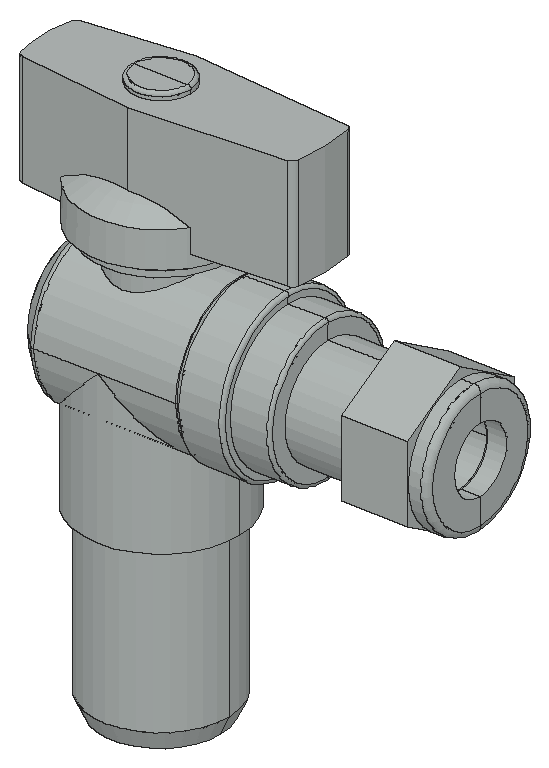
Revit family "QL22163105", category Apparecchi idraulici, Revit 2020
Family settings
  Quota connettore circolare = Usa diametro
  Tipo di parte = Normale
  Numero OmniClass = 23.45.00.00
  Titolo OmniClass = Sanitary, Laundry, and Cleaning Equipment
  Basato su piano di lavoro = No
  Sempre verticale = Sì
  Taglio con vuoti quando caricato = No
  Condiviso = No
  Punto di calcolo locali = No
Parameters
  URL = "https://web.cimberio.it/index.php/figura/1673?subcategoria_id="
  Prospetto di default = 0 mm
  Produttore = "CIMBERIO SPA"
  Modello = "Cim 46NEW"
  Descrizione = "Realizzato in ottemperanza ai requisiti gestionali della norma EN ISO 9001.\r\nCollaudato al 100% secondo la normativa EN 12266-1.\r\nUtilizzato nei più svariati settori dell'impiantistica: impianti di riscaldamento, condizionamento, idrici, igienico-sanitari, aria compressa e in generale con ogni fluido non corrosivo"
  Type Comments = ""
Reference planes
  plane 1 "Centro (Fronte/Retro)": y = 0
  plane 2: z = 0
  plane 3 "Centro (Sinistra/Destra)": x = 0
Forms (mm)
  Revolve 1, solid, material "Cim_Lega di ottone"
    sketch origin (0, 0, 0) x (1, 0, 0) y (0, 1, 0)
      loop
        line (-10.293, 11.707) -> (-12.707, 9.293)
        arc (-12.707, 9.293) -> (-12.924, 8.968) -> (-13, 8.586) r 1
        line (-13, 8.586) -> (-13, 0) -> (-9.586, 0) -> (-9.586, 6.496) -> (11.882, 6.496) -> (11.882, 12) -> (-9.586, 12)
        arc (-9.586, 12) -> (-9.968, 11.924) -> (-10.293, 11.707) r 1
      axis (-13, 0) -> (11.882, 0)
    angle from 0 to 360
  Revolve 2, solid, material "Cim_Lega di ottone"
    sketch origin (25, 0, 0) x (-1, 0, 0) y (0, 0, -1)
      loop
        line (6.2, -12.5) -> (12.252, -12.5)
        arc (12.252, -12.5) -> (12.618, -12.134) -> (13.118, -12) r 1
        line (13.118, -12) -> (13.118, -5) -> (-0.3, -5) -> (-0.3, -10.5)
        arc (-0.3, -10.5) -> (-0.154, -10.854) -> (0.2, -11) r 0.5
        line (0.2, -11) -> (5.771, -11) -> (5.7, -12)
        arc (5.7, -12) -> (5.846, -12.354) -> (6.2, -12.5) r 0.5
      axis (13.118, 0) -> (-0.3, 0)
    angle from 0 to 360
  Revolve 3, solid, material "Cim_Lega di ottone"
    sketch origin (25, 0, 0) x (-1, 0, 0) y (0, 0, -1)
      loop
        line (37, 23) -> (30, 23) -> (30, -0.019) -> (37, -0.019) -> (37, 23)
      axis (25, -0.019) -> (25, 23)
    angle from 0 to 360
  Revolve 4, solid, material "Cim_Lega di ottone filetto"
    sketch origin (0, 0, 0) x (1, 0, 0) y (0, 0, 1)
      loop
        line (-10.45, -23) -> (-10.45, -48.145) -> (-9.119, -51) -> (-5, -51) -> (-5, -23) -> (-10.45, -23)
      axis (0, -23) -> (0, -51)
    angle from 0 to 360
  Revolve 5, solid, material "Cim_Lega di ottone filetto VERT"
    sketch origin (0, 0, 0) x (1, 0, 0) y (0, 0, 1)
      loop
        line (25.3, 8.25) -> (25.3, 5) -> (35.371, 5) -> (35.371, 8.25) -> (25.3, 8.25)
      axis (25.3, 0) -> (35.371, 0)
    angle from 0 to 360
  Extrusion 6, solid, material "Cim_Lega di ottone"
    sketch origin (0, 0, 0) x (0, 1, 0) y (0, 0, 1)
      loop
        line (0, 11.569) -> (-10.003, 5.794) -> (-10.003, -5.756) -> (0, -11.531) -> (10.003, -5.756) -> (10.003, 5.794) -> (0, 11.569)
      loop
        circle (0, 0.019) r 5.019
    from 35.371 to 45.371
  Revolve 7, solid, material "Cim_Lega di ottone"
    sketch origin (0, 0, 0) x (1, 0, 0) y (0, 0, 1)
      loop
        arc (48.371, 9) -> (48.078, 9.707) -> (47.371, 10) r 1
        line (47.371, 10) -> (45.371, 10) -> (45.371, 5) -> (48.371, 5) -> (48.371, 9)
      axis (48.371, 0) -> (45.371, 0)
    angle from 0 to 360
  Revolve 8, solid, material "Cim_Lega di ottone"
    sketch origin (0, 0, 0) x (1, 0, 0) y (0, 0, 1)
      loop
        line (-7.397, 7.833) -> (0, 7.833) -> (0, 18.19) -> (-7.397, 18.19) -> (-7.397, 7.833)
      axis (0, 18.19) -> (0, 7.833)
    angle from 0 to 360
  Revolve 9, solid, material "Cim_Lega di ottone"
    sketch origin (0, 0, 0) x (1, 0, 0) y (0, 0, 1)
      loop
        line (0, 13.55) -> (0, 24.481)
        arc (0, 24.481) -> (-6.22, 23.693) -> (-11.805, 20.845) r 18.248
        line (-11.805, 20.845) -> (-11.9, 15.416) -> (-10.305, 14.495) -> (-10.305, 13.55) -> (0, 13.55)
      axis (0, 24.481) -> (0, 13.55)
    angle from 0 to 360
  Extrusion 10, solid, material "Cim_Lega di ottone"
    sketch origin (0, 0, 0) x (1, 0, 0) y (0, 1, 0)
      loop
        line (-0.625, 7.424) -> (-16.512, 5.5)
        arc (-16.512, 5.5) -> (-17.045, 5.265) -> (-17.356, 4.772) r 1
        arc (-17.356, 4.772) -> (-18, -0.042) -> (-17.334, -4.852) r 18
        arc (-17.334, -4.852) -> (-17.02, -5.343) -> (-16.487, -5.576) r 1
        line (-16.487, -5.576) -> (0.986, -7.417) -> (23.658, -5.5)
        arc (23.658, -5.5) -> (24.243, -5.247) -> (24.556, -4.691) r 1
        arc (24.556, -4.691) -> (25, 0) -> (24.556, 4.691) r 25
        arc (24.556, 4.691) -> (24.243, 5.247) -> (23.658, 5.5) r 1
        line (23.658, 5.5) -> (-0.625, 7.424)
    from 17.32 to 34.35
  Revolve 11, solid, material "Cim_Lega di ottone"
    sketch origin (0, 0, 0) x (1, 0, 0) y (0, 0, 1)
      loop
        line (4.001, 35.35) -> (0, 35.35) -> (0, 33.3) -> (4.5, 33.3) -> (4.5, 34.85)
        arc (4.5, 34.85) -> (4.354, 35.203) -> (4.001, 35.35) r 0.5
      axis (0, 35.35) -> (0, 33.3)
    angle from 0 to 360
Dimensions and locks
  aligned and locked: level to plane 2
Connectors
  piping at (45.371, 0, 0.019), diameter 10
    settings: on Extrusion 6, index 1, connector inside diameter 609.6 mm, connector length 0 mm, flow factor 0, pipe flow 0.0 L/s, pressure drop 0.0 Pa, fitting loss kfactor 0, connector angle 0.00°, fixture units 0, engagement length 0 mm, angle of deflection 0.00°, flow configuration 0, flow direction 0, fitting loss method 0, system type 7, joint type 0, gender type 0, connector reference index -1, connector utility 0, adjustable connector no, is connector primary yes, connector description ""
  piping at (0, 0, -51), diameter 10
    settings: on Revolve 4, index 2, connector inside diameter 609.6 mm, connector length 0 mm, flow factor 0, pipe flow 0.0 L/s, pressure drop 0.0 Pa, fitting loss kfactor 0, connector angle 0.00°, fixture units 0, engagement length 0 mm, angle of deflection 0.00°, flow configuration 0, flow direction 0, fitting loss method 0, system type 7, joint type 0, gender type 0, connector reference index -1, connector utility 0, adjustable connector no, is connector primary no, connector description ""
